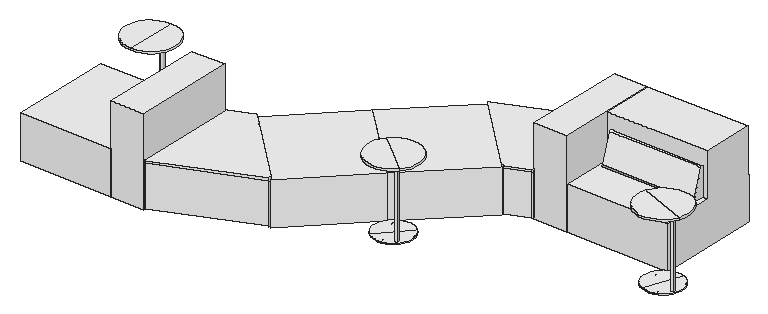
Revit family "COL-105", category Furniture, Revit 2017
Family settings
  OmniClass Number = 23.40.20.00
  OmniClass Title = General Furniture and Specialties
  Work Plane-Based = No
  Always vertical = Yes
  Cut with Voids When Loaded = No
  Shared = No
  Room Calculation Point = No
Reference planes (in)
  plane 1 "Center Front/Back": y = 0
  plane 2: z = 0
  plane 3 "Center Left/Right": x = 0
Dimensions and locks (in)
  aligned and locked: level to plane 2
Nested families (in)
  nested 1: "Allsteel - Rise - Seating - Ottoman" at (-98.6466, -15.39597, 0), type "Non Powered"
  nested 2: "Allsteel - Rise - Seating - Soft Wall" at (-62.6466, -15.52097, 0), type "Single Tone"
    with Upholstery Material Default Opaque Material
  nested 3: "Allsteel - Rise - Triangle - Wood Top" at (-12.12948, -40.08579, 0) x (-0.9239, -0.3827, 0) z (0, 0, 1), type "Non-Powered"
    with Upholstery Material Default Opaque Material, Top Material Default Opaque Material
  nested 4: "Allsteel - Rise - Seating - Ottoman" at (-40.38697, -11.50405, 0) x (0.7071, 0.7071, 0) z (0, 0, 1), type "Non Powered"
  nested 5: "Allsteel - Rise - Seating - Ottoman" at (10.52472, 39.40763, 0) x (-0.7071, -0.7071, 0) z (0, 0, 1), type "Non Powered"
  nested 6: "Allsteel - Rise - Triangle - Wood Top" at (10.55151, 39.70509, 0) x (0.9239, 0.3827, 0) z (0, 0, 1), type "Non-Powered"
    with Upholstery Material Default Opaque Material, Top Material Default Opaque Material
  nested 7: "Allsteel - Rise - Seating - Soft Wall" at (48.06863, 54.99689, 0), type "Single Tone"
    with Upholstery Material Default Opaque Material
  nested 8: "Allsteel - Rise - Seating - Lumbar Pillow" at (63, 34.99689, -0.125), type "Lumbar Pillow"
    with Upholstery Material Default Opaque Material
  nested 9: "Allsteel - Rise - Laptop Table" at (-84.94336, -8, 0), type "Allsteel - Rise - Laptop Table"
    with Top Material Default Opaque Material, Base Material Default Opaque Material
  nested 10: "Allsteel - Rise - Laptop Table" at (19.88637, -19.08773, 0) x (-0.6428, -0.766, 0) z (0, 0, 1), type "Allsteel - Rise - Laptop Table"
    with Top Material Default Opaque Material, Base Material Default Opaque Material
  nested 11: "Allsteel - Rise - Laptop Table" at (104.79921, 8.18473, 0) x (-0.342, -0.9397, 0) z (0, 0, 1), type "Allsteel - Rise - Laptop Table"
    with Top Material Default Opaque Material, Base Material Default Opaque Material
  nested 12: "Allsteel - Rise - Seating - Two-Tone - 2-Tier Rise" at (101.06863, 54.99689, 0) x (-1, 0, 0) z (0, 0, 1), type "Non Powered"
Definition of nested family "Allsteel - Rise - Seating - Ottoman"
  Parameters (values of type "Non Powered")
    URL = "www.allsteeloffice.com"
    Upholstery Material = none
    Power Port = no
    Model = "S922SON"
    Manufacturer = "Allsteel"  # constant formula
    Electrical Panel Material = none
    Description = "Allsteel - Rise - Single Tone Single Ottoman - Non Powered"
  Types (3): name | Power Port | Model | Description
    (no name) | no | "S922SON" | "Allsteel - Rise - Single Tone Single Ottoman - Non Powered"
    Non Powered | no | "S922SON" | "Allsteel - Rise - Single Tone Single Ottoman - Non Powered"
    Powered | yes | "S922SOP" | "Allsteel - Rise - Single Tone Single Ottoman - Powered"
  Reference planes (in)
    plane 1 "Center (Front/Back)": y = 0
    plane 2: z = 0
    plane 3 "Center (Left/Right)": x = 0
  Forms (in)
    Extrusion 1, solid, material <- "Electrical Panel Material", visible <- "Power Port"
      sketch origin (-4.57153, -0.06668, 0.28572) x (1, 0, 0) y (0, 0, 1)
        loop
          line (37.25, 1.375) -> (37.25, 4.625) -> (30.875, 4.625) -> (30.875, 1.375) -> (37.25, 1.375)
      from 39.93332 to 40.05817
    Extrusion 2, solid, material <- "Electrical Panel Material", visible <- "Power Port"
      sketch origin (41.60707, -40.12485, -13.36857) x (0, 0, 1) y (-1, 0, 0)
        loop
          line (17.48828, 10.75) -> (15.92578, 10.75) -> (15.92578, 9.25) -> (17.48828, 9.25) -> (17.48828, 10.75)
        loop
          line (17.1411, 10.321) -> (16.76619, 10.321) -> (16.76619, 10.209) -> (17.1411, 10.209) -> (17.1411, 10.321)
        loop
          line (17.06301, 9.819) -> (16.7651, 9.819) -> (16.7651, 9.707) -> (17.06301, 9.707) -> (17.06301, 9.819)
        loop
          line (16.30582, 10.103) -> (16.30582, 9.897) -> (16.39533, 9.897) -> (16.49862, 10.00029) -> (16.39591, 10.103) -> (16.30582, 10.103)
        loop
          line (17.48828, 12.875) -> (15.92578, 12.875) -> (15.92578, 11.375) -> (17.48828, 11.375) -> (17.48828, 12.875)
        loop
          line (17.1411, 12.446) -> (16.76619, 12.446) -> (16.76619, 12.334) -> (17.1411, 12.334) -> (17.1411, 12.446)
        loop
          line (17.06301, 11.944) -> (16.7651, 11.944) -> (16.7651, 11.832) -> (17.06301, 11.832) -> (17.06301, 11.944)
        loop
          line (16.30582, 12.228) -> (16.30582, 12.022) -> (16.39533, 12.022) -> (16.49862, 12.12529) -> (16.39591, 12.228) -> (16.30582, 12.228)
        loop
          line (17.48828, 14.95929) -> (15.92578, 14.95929) -> (15.92578, 13.58429) -> (17.48828, 13.58429) -> (17.48828, 14.95929)
        loop
          line (17.25262, 14.75058) -> (16.15262, 14.75058) -> (16.15262, 13.77558) -> (17.25262, 13.77558) -> (17.25262, 14.75058)
      from 0 to 0.06701
  Nested families (in)
    nested 1: "Two Step - Single-Tone" at (0, 0, 0), Rise Upholstery <- "Upholstery Material", type "Two Step - Single-Tone"
      with Two-Tone Upholstery none, Rise Upholstery none
  Definition of nested family "Two Step - Single-Tone"
    Parameters (values of type "Two Step - Single-Tone")
      Two-Tone Upholstery [instance] = none
      Rise Upholstery [instance] = none
      Height = 0' - 0"
      Assembly Code = ""
    Reference planes (in)
      plane 1 "Center (Front/Back)": y = 0
      plane 2: z = 0
      plane 3 "Center (Left/Right)": x = 0
      plane 4 "stp 1": y = -40
    Forms (in)
      Extrusion 1, solid, material <- "Rise Upholstery"
        sketch origin (0, -40, 0) x (0, 1, 0) y (0, 0, 1)
          loop
            line (40, 0) -> (40, 17) -> (0, 17) -> (0, 0) -> (40, 0)
        from 0 to 36
Definition of nested family "Allsteel - Rise - Seating - Soft Wall"
  Parameters (values of type "Single Tone")
    URL = "www.allsteeloffice.com"
    Upholstery Material [instance] = none
    Model = "S922SWN"
    Manufacturer = "Allsteel"  # constant formula
    Description = "Allsteel - Rise - Soft Wall - Single Tone - Non Powered"
  Types (3): name | Model | Description
    (no name) | "S922SWN" | "Allsteel - Rise - Soft Wall - Single Tone - Non Powered"
    Two-Tone | "S922SWTN" | "Allsteel - Rise - Soft Wall - Two-Tone - Non Powered"
    Single Tone | "S922SWN" | "Allsteel - Rise - Soft Wall - Single Tone - Non Powered"
  Reference planes (in)
    plane 1 "Center (Front/Back)": y = 0
    plane 2: z = 0
    plane 3 "Center (Left/Right)": x = 0
  Nested families (in)
    nested 1: "Single-Tone" at (0, 0, 0), Rise Upholstery <- "Upholstery Material", type "Single-Tone"
      with Two-Tone Upholstery none, Rise Upholstery none
  Definition of nested family "Single-Tone"
    Parameters (values of type "Single-Tone")
      Two-Tone Upholstery [instance] = none
      Rise Upholstery [instance] = none
      Height = 0' - 0"
      Assembly Code = ""
    Reference planes (in)
      plane 1 "Center (Front/Back)": y = 0
      plane 2: z = 0
      plane 3 "Center (Left/Right)": x = 0
      plane 4: x = 20
      plane 5 "stp 1": y = -20
    Forms (in)
      Extrusion 1, solid, material <- "Rise Upholstery"
        sketch origin (0, -40, 0) x (0, 1, 0) y (0, 0, 1)
          loop
            line (40, 0) -> (40, 34) -> (0.125, 34) -> (0.125, 0) -> (40, 0)
        from 0 to 13
Definition of nested family "Allsteel - Rise - Triangle - Wood Top"
  Parameters (values of type "Non-Powered")
    Upholstery Material [instance] = none
    URL = "www.allsteeloffice.com"
    Top Material [instance] = none
    Powered = no
    Model = "S922SWDN"
    Manufacturer = "Allsteel"  # constant formula
    Glide Material = none
    Electrical Cover Material = none
    Description = "Allsteel - Rise - Triangle - Wood Top - Non-Powered"
  Types (3): name | Powered | Model | Description
    (no name) | no | "S922SWDN" | "Allsteel - Rise - Triangle - Wood Top - Non-Powered"
    Non-Powered | no | "S922SWDN" | "Allsteel - Rise - Triangle - Wood Top - Non-Powered"
    Powered | yes | "S922SWDWP" | "Allsteel - Rise - Triangle - Wood Top - Powered"
  Reference planes (in)
    plane 1 "Center Front/Back": y = 0
    plane 2: z = 0
    plane 3 "Center Left/Right": x = 0
  Dimensions and locks (in)
    aligned and locked: level to plane 2
  Nested families (in)
    nested 1: "Glide" at (2.89086, -2.00167, 0), Material <- "Glide Material", type "Glide"
      with Material none
    nested 2: "Upholstery" at (0, 0, 0.43), Material <- "Upholstery Material", type "Upholstery"
      with Material none, Height 1' - 4 9/32"
    nested 3: "Wood Top" at (0, 0, 16.71125), Material <- "Top Material", type "Wood Top"
      with Material none
    nested 4: "Cover" at (20.18003, -37.36076, 3.278) x (1, 0, 0) z (0, -1, 0), Material <- "Electrical Cover Material", visible <- "Powered", type "Cover"
      with Material none
    nested 5: "Glide" at (37.46666, -2.00167, 0) x (-1, 0, 0) z (0, 0, 1), Material <- "Glide Material", type "Glide"
      with Material none
    nested 6: "Glide" at (16.89443, -35.04755, 0), Material <- "Glide Material", type "Glide"
      with Material none
    nested 7: "Glide" at (23.46564, -35.04755, 0) x (-1, 0, 0) z (0, 0, 1), Material <- "Glide Material", type "Glide"
      with Material none
  Definition of nested family "Glide"
    Parameters (values of type "Glide")
      Material [instance] = none
    Reference planes (in)
      plane 1 "Center (Front/Back)": y = 0
      plane 2: z = 0
      plane 3 "Center (Left/Right)": x = 0
      plane 4: z = 0.43
    Forms (in)
      Revolve 1, solid, material <- "Material"
        sketch origin (-2.5, 0, 0) x (1, 0, 0) y (0, 0, 1)
          loop
            line (2.5, 2.785) -> (2.5, 0) -> (3.16863, 0)
            arc (3.16863, 0) -> (3.20886, 0.01681) -> (3.22516, 0.05725) r 0.05653
            arc (3.22516, 0.05725) -> (3.19555, 0.16365) -> (3.11721, 0.2415) r 0.21594
            line (3.11721, 0.2415) -> (2.79071, 0.43) -> (2.65727, 0.43) -> (2.65727, 2.785) -> (2.5, 2.785)
          axis (2.5, 2.785) -> (2.5, 0)
        angle from 0 to 360
    Dimensions and locks (in)
      aligned and locked: plane 2 to level
  Definition of nested family "Upholstery"
    Parameters (values of type "Upholstery")
      Material [instance] = none
      Height [instance] = 1' - 4.291"
      Default Elevation = 4' - 0"
    Reference planes (in)
      plane 1 "Center F/B": y = 0
      plane 2: z = 0
      plane 3 "Center L/R": x = 0
      plane 4: z = 16.291
    Forms (in)
      Extrusion 1, solid, material <- "Material"
        sketch origin (0, 0, -0.43) x (1, 0, 0) y (0, 1, 0)
          loop
            arc (0.50013, 0) -> (0.0844, -0.22221) -> (0.03819, -0.69134) r 0.5
            line (0.03819, -0.69134) -> (15.09931, -37.05211)
            arc (15.09931, -37.05211) -> (15.28347, -37.2765) -> (15.56125, -37.36076) r 0.5
            line (15.56125, -37.36076) -> (24.79881, -37.36076)
            arc (24.79881, -37.36076) -> (25.0766, -37.2765) -> (25.26075, -37.05211) r 0.5
            line (25.26075, -37.05211) -> (40.32187, -0.69134)
            arc (40.32187, -0.69134) -> (40.27567, -0.22221) -> (39.85993, 0) r 0.5
            line (39.85993, 0) -> (0.50013, 0)
        from 0.43 to 16.721
    Dimensions and locks (in)
      "Height": plane 4 to plane 2
      aligned and locked: level to plane 2
      aligned and locked: Extrusion 1 to plane 4
      aligned and locked: Extrusion 1 to plane 2
    Automatic sketch dimensions
      plane 3 "Center L/R" to Extrusion 1 sketch curve = 0' - 0.03819"
      Extrusion 1 sketch curve to Extrusion 1 sketch curve = 0' - 0.46194"  (x4)
      plane 3 "Center L/R" to Extrusion 1 sketch curve = 1' - 3.09931"
      Extrusion 1 sketch curve to Extrusion 1 sketch curve = 0' - 9.23756"
      plane 1 "Center F/B" to Extrusion 1 sketch curve = 0' - 0.69134"  (x2)
      plane 1 "Center F/B" to Extrusion 1 sketch curve = 3' - 0.86076"
      Extrusion 1 sketch curve to Extrusion 1 sketch curve = 0' - 0"
      Extrusion 1 sketch curve to Extrusion 1 sketch curve = 0' - 0.19134"
      plane 1 "Center F/B" to Extrusion 1 sketch curve = 0' - 0"
      Extrusion 1 sketch curve to Extrusion 1 sketch curve = 1' - 3.06112"
  Definition of nested family "Wood Top"
    Parameters (values of type "Wood Top")
      Material [instance] = none
      Default Elevation = 4' - 0"
    Reference planes (in)
      plane 1 "Center F/B": y = 0
      plane 2: z = 0
      plane 3 "Center L/R": x = 0
    Forms (in)
      Extrusion 1, solid, material <- "Material"
        sketch origin (0, 0, -16.721) x (1, 0, 0) y (0, 1, 0)
          loop
            line (39.85993, 0) -> (0.50013, 0)
            arc (0.50013, 0) -> (0.0844, -0.22221) -> (0.03819, -0.69134) r 0.5
            line (0.03819, -0.69134) -> (15.09931, -37.05211)
            arc (15.09931, -37.05211) -> (15.28347, -37.2765) -> (15.56125, -37.36076) r 0.5
            line (15.56125, -37.36076) -> (24.79881, -37.36076)
            arc (24.79881, -37.36076) -> (25.0766, -37.2765) -> (25.26075, -37.05211) r 0.5
            line (25.26075, -37.05211) -> (40.32187, -0.69134)
            arc (40.32187, -0.69134) -> (40.27567, -0.22221) -> (39.85993, 0) r 0.5
        from 16.721 to 17.666
    Dimensions and locks (in)
      aligned and locked: level to plane 2
  Definition of nested family "Cover"
    Parameters (values of type "Cover")
      Material [instance] = none
      Default Elevation = 4' - 0"
    Reference planes (in)
      plane 1 "Center (Front/Back)": y = 0
      plane 2: z = 0
      plane 3 "Center (Left/Right)": x = 0
    Forms (in)
      Extrusion 1, solid
        sketch origin (0, 0, 0) x (1, 0, 0) y (0, 1, 0)
          loop
            line (-48, 48) -> (-48, -48) -> (48, -48) -> (48, 48) -> (-48, 48)
        from 0 to -12
      Extrusion 2, solid, material <- "Material"
        sketch origin (-29.251, 25.52375, 0) x (1, 0, 0) y (0, 1, 0)
          loop
            line (26.0945, -24.52375) -> (26.0945, -26.52375) -> (32.4075, -26.52375) -> (32.4075, -24.52375) -> (26.0945, -24.52375)
        from 0 to 0.03125
    Dimensions and locks (in)
      aligned and locked: plane 2 to Extrusion 1
      aligned and locked: level to Extrusion 1
Definition of nested family "Allsteel - Rise - Seating - Lumbar Pillow"
  Parameters (values of type "Lumbar Pillow")
    URL = "www.allsteeloffice.com"
    Upholstery Material [instance] = none
    Model = "S922LPN"
    Manufacturer = "Allsteel"  # constant formula
    Description = "Allsteel - Rise - Lumbar Pillow - Non Powered"
  Reference planes (in)
    plane 1 "Center (Front/Back)": y = 0
    plane 2: z = 0
    plane 3 "Center (Left/Right)": x = 0
  Nested families (in)
    nested 1: "Single-Tone" at (0, 0, 0), Rise Upholstery <- "Upholstery Material", type "Single-Tone"
      with Two-Tone Upholstery none, Rise Upholstery none
  Definition of nested family "Single-Tone"
    Parameters (values of type "Single-Tone")
      Two-Tone Upholstery [instance] = none
      Rise Upholstery [instance] = none
      Height = 0' - 0"
      Assembly Code = ""
    Reference planes (in)
      plane 1 "Center (Front/Back)": y = 0
      plane 2: z = 0
      plane 3 "Center (Left/Right)": x = 0
      plane 4 "stp 1": y = -20
    Forms (in)
      Extrusion 1, solid, material <- "Rise Upholstery"
        sketch origin (0, -40, 0) x (0, 1, 0) y (0, 0, 1)
          loop
            arc (39.5, 17.125) -> (39.85355, 17.27145) -> (40, 17.625) r 0.5
            line (40, 17.625) -> (40, 27.90766)
            arc (40, 27.90766) -> (39.58467, 28.40044) -> (39.02868, 28.07456) r 0.5
            line (39.02868, 28.07456) -> (35.3874, 17.7919)
            arc (35.3874, 17.7919) -> (35.4504, 17.33643) -> (35.85872, 17.125) r 0.5
            line (35.85872, 17.125) -> (39.5, 17.125)
        from 0 to 36
Definition of nested family "Allsteel - Rise - Laptop Table"
  Parameters (values of type "Allsteel - Rise - Laptop Table")
    URL = "www.allsteeloffice.com"
    Base Material [instance] = none
    Model = "S911RLTB"
    Manufacturer = "Allsteel"  # constant formula
    Top Material [instance] = none
    Glide Material = none
    Description = "Allsteel - Rise - Laptop Table"
  Reference planes (in)
    plane 1 "Center (Front/Back)": y = 0
    plane 2: z = 0
    plane 3 "Center (Left/Right)": x = 0
  Forms (in)
    Revolve 1, solid, material <- "Base Material"
      sketch origin (0, 0, 0) x (1, 0, 0) y (0, 0, 1)
        loop
          line (0, 0.6175) -> (-7.5, 0.6175) -> (-7.5, 0.3675) -> (0, 0.3675) -> (0, 0.6175)
        axis (0, 0.6175) -> (0, 0.3675)
      angle from 0 to 360
    Revolve 2, solid, material <- "Top Material"
      sketch origin (0, 0, 0) x (0, 1, 0) y (0, 0, 1)
        loop
          line (0, 28.3695) -> (-10, 28.3695) -> (-10, 27.6175) -> (0, 27.6175) -> (0, 28.3695)
        axis (0, 28.3695) -> (0, 27.6175)
      angle from 0 to 360
    Revolve 3, solid, material <- "Base Material"
      sketch origin (0, 0, 0) x (0, 1, 0) y (0, 0, 1)
        loop
          line (5.6875, 0.6175) -> (5.6875, 27.6175) -> (3.42051, 27.6175) -> (3.42051, 27.3675) -> (5.03439, 27.3675) -> (5.03439, 0.6175) -> (5.6875, 0.6175)
        axis (5.6875, 27.6175) -> (5.6875, 0.6175)
      angle from 0 to 360
    Revolve 4, solid, material <- "Glide Material"
      sketch origin (0, 3.5, 0) x (1, 0, 0) y (0, 0, 1)
        loop
          line (5, 0.3675) -> (4, 0.3675) -> (4, 0.0737)
          arc (4, 0.0737) -> (4.02159, 0.02159) -> (4.0737, 0) r 0.0737
          line (4.0737, 0) -> (5, 0) -> (5, 0.3675)
        axis (5, 0.3675) -> (5, 0)
      angle from 0 to 360
    Revolve 5, solid, material <- "Glide Material"
      sketch origin (-10, 3.5, 0) x (1, 0, 0) y (0, 0, 1)
        loop
          line (5, 0.3675) -> (4, 0.3675) -> (4, 0.0737)
          arc (4, 0.0737) -> (4.02159, 0.02159) -> (4.0737, 0) r 0.0737
          line (4.0737, 0) -> (5, 0) -> (5, 0.3675)
        axis (5, 0.3675) -> (5, 0)
      angle from 0 to 360
    Revolve 6, solid, material <- "Glide Material"
      sketch origin (-5, -6, 0) x (1, 0, 0) y (0, 0, 1)
        loop
          line (5, 0.3675) -> (4, 0.3675) -> (4, 0.0737)
          arc (4, 0.0737) -> (4.02159, 0.02159) -> (4.0737, 0) r 0.0737
          line (4.0737, 0) -> (5, 0) -> (5, 0.3675)
        axis (5, 0.3675) -> (5, 0)
      angle from 0 to 360
Definition of nested family "Allsteel - Rise - Seating - Two-Tone - 2-Tier Rise"
  Parameters (values of type "Non Powered")
    URL = "www.allsteeloffice.com"
    Two-Tone Upholstery = none
    Rise Upholstery = none
    Power Port = no
    Model = "S922S2T"
    Manufacturer = "Allsteel"  # constant formula
    Electrical Panel = none
    Description = "Allsteel - Rise - Two-tone - 2-Tier Rise - Non Powered"
  Types (3): name | Power Port | Model | Description
    (no name) | no | "S922S2T" | "Allsteel - Rise - Two-tone - 2-Tier Rise - Non Powered"
    Power Ready | yes | "S922S2TP" | "Allsteel - Rise - Two-tone - 2-Tier Rise - Power Ready"
    Non Powered | no | "S922S2T" | "Allsteel - Rise - Two-tone - 2-Tier Rise - Non Powered"
  Reference planes (in)
    plane 1 "Center (Front/Back)": y = 0
    plane 2: z = 0
    plane 3 "Center (Left/Right)": x = 0
  Forms (in)
    Extrusion 1, solid, material <- "Electrical Panel", visible <- "Power Port"
      sketch origin (0, 0, 0) x (1, 0, 0) y (0, 0, 1)
        loop
          line (37.25, 1.375) -> (37.25, 4.625) -> (30.875, 4.625) -> (30.875, 1.375) -> (37.25, 1.375)
      from 39.93332 to 40.05817
    Extrusion 2, solid, material <- "Electrical Panel", visible <- "Power Port"
      sketch origin (46.1786, -40.05817, -13.65429) x (0, 0, 1) y (-1, 0, 0)
        loop
          line (17.48828, 10.75) -> (15.92578, 10.75) -> (15.92578, 9.25) -> (17.48828, 9.25) -> (17.48828, 10.75)
        loop
          line (17.1411, 10.321) -> (16.76619, 10.321) -> (16.76619, 10.209) -> (17.1411, 10.209) -> (17.1411, 10.321)
        loop
          line (17.06301, 9.819) -> (16.7651, 9.819) -> (16.7651, 9.707) -> (17.06301, 9.707) -> (17.06301, 9.819)
        loop
          line (16.30582, 10.103) -> (16.30582, 9.897) -> (16.39533, 9.897) -> (16.49862, 10.00029) -> (16.39591, 10.103) -> (16.30582, 10.103)
        loop
          line (17.48828, 12.875) -> (15.92578, 12.875) -> (15.92578, 11.375) -> (17.48828, 11.375) -> (17.48828, 12.875)
        loop
          line (17.1411, 12.446) -> (16.76619, 12.446) -> (16.76619, 12.334) -> (17.1411, 12.334) -> (17.1411, 12.446)
        loop
          line (17.06301, 11.944) -> (16.7651, 11.944) -> (16.7651, 11.832) -> (17.06301, 11.832) -> (17.06301, 11.944)
        loop
          line (16.30582, 12.228) -> (16.30582, 12.022) -> (16.39533, 12.022) -> (16.49862, 12.12529) -> (16.39591, 12.228) -> (16.30582, 12.228)
        loop
          line (17.48828, 14.95929) -> (15.92578, 14.95929) -> (15.92578, 13.58429) -> (17.48828, 13.58429) -> (17.48828, 14.95929)
        loop
          line (17.25262, 14.75058) -> (16.15262, 14.75058) -> (16.15262, 13.77558) -> (17.25262, 13.77558) -> (17.25262, 14.75058)
      from 0 to 0.06701
  Nested families (in)
    nested 1: "Two Step - Two-Tone" at (0, 0, 0), Two-Tone Upholstery <- "Two-Tone Upholstery", Rise Upholstery <- "Rise Upholstery", type "Two Step - Two-Tone"
      with Two-Tone Upholstery none, Rise Upholstery none
  Definition of nested family "Two Step - Two-Tone"
    Parameters
      Two-Tone Upholstery [instance] = none
      Rise Upholstery [instance] = none
      Height = 0' - 0"
      Assembly Code = ""
    Reference planes (in)
      plane 1 "Center (Front/Back)": y = 0
      plane 2: z = 0
      plane 3 "Center (Left/Right)": x = 0
      plane 4: x = 20
      plane 5 "stp 2": y = -20
      plane 6 "stp 1": y = -40
      plane 7: z = 33.84279
      plane 8: z = 16.85355
    Forms (in)
      Extrusion 1, solid, material <- "Rise Upholstery"
        sketch origin (0, -40, 0) x (0, 1, 0) y (0, 0, 1)
          loop
            line (40, 0) -> (40, 33.98923) -> (20, 33.98923) -> (20, 17) -> (0, 17) -> (0, 0) -> (40, 0)
        from 0 to 40
    Dimensions and locks (in)
      aligned and locked: plane 5 "stp 2" to Extrusion 1
      aligned and locked: plane 6 "stp 1" to Extrusion 1
